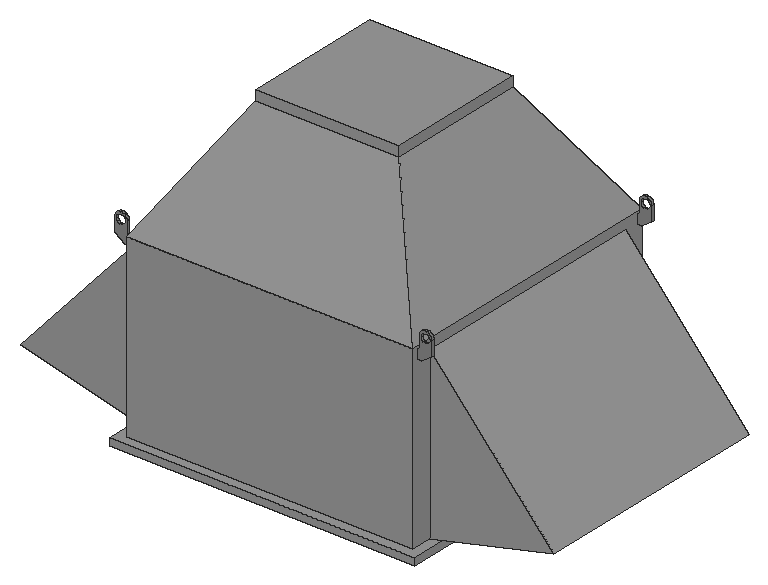
Revit family "НЕВАТОМ_Вентилятор VKRF, версия 1", category Оборудование, Revit 2017
Family settings
  Размер круглого соединителя = Использовать диаметр
  Тип детали = Нормальный
  На основе рабочей плоскости = Нет
  Всегда вертикально = Да
  При загрузке вырезать с полостями = Нет
  Общий = Нет
  Точка расчета площади = Нет
Parameters (values of type "VKRF № 12,5 АИР250М6")
  Мощность двигателя N, кВт = 55 kW
  Материал = Сталь ASTM A441
  Ключевая пометка = "Вентиляция"
  l3 = 0.85 * l  # 1317.5 mm
  l2 = l1  # 775 mm
  l1 = 0.5 * l  # 775 mm
  l = L - 100 mm  # 1550 mm
  h1 = 0.03 * H  # 50.7 mm
  h = 40 mm
  Nevatom_URL = "https://t.me/NEVATOM_Bim_bot"
  L1 = 2890 mm
  L = 1650 mm
  H3 = 0.95 * H1  # 963.3 mm
  H2 = 0.2 * H1  # 202.8 mm
  H1 = 0.6 * H  # 1014 mm
  H = 1690 mm
  D = 1250 mm
  B = 1550 mm
  ADSK_Частота вращения вентилятора = 1000
  ADSK_Ток = 102.5 A
  ADSK_Размер_Ширина = L  # 1650 mm
  ADSK_Размер_Длина = L  # 1650 mm
  ADSK_Размер_Высота = H  # 1690 mm
  ADSK_Примечание = ""
  ADSK_Позиция = ""
  ADSK_Напряжение = 380 V  # constant formula
  ADSK_Наименование = "Вентилятор крышный радиальный с выбросом вверх"  # constant formula
  ADSK_Материал наименование = "Оцинкованная сталь"  # constant formula
  ADSK_Масса = 1104
  ADSK_Марка = "VKRF-12,5-55,0/1000"
  ADSK_Количество = 1  # constant formula
  ADSK_Код изделия = ""
  ADSK_Завод-изготовитель = "НЕВАТОМ"  # constant formula
  ADSK_Единица измерения = "шт."  # constant formula
Types (42, lengths in mm): name | Мощность двигателя N, кВт | l3 | l2 | l1 | l | h1 | h | L1 | L | H3 | H2 | H1 | H | D | B | ADSK_Частота вращения вентилятора | ADSK_Ток | ADSK_Размер_Ширина | ADSK_Размер_Длина | ADSK_Размер_Высота | ADSK_Масса | ADSK_Марка
  VKRF № 3,15 АИР63A4 | 0.25 kW | 357 | 210 | 210 | 420 | 16.95 | 20 | 780 | 520 | 322.05 | 67.8 | 339 | 565 | 315 | 440 | 1500 | 0.85 A | 520 | 520 | 565 | 36.7 | "VKRF-3,15-0,25/1500"
  VKRF № 12,5 АИР225M8 | 30 kW | 1317.5 | 775 | 775 | 1550 | 50.7 | 40 | 2890 | 1650 | 963.3 | 202.8 | 1014 | 1690 | 1250 | 1550 | 750 | 63.5 A | 1650 | 1650 | 1690 | 921.3 | "VKRF-12,5-30,0/750"
  VKRF № 3,15 АИР80B2 | 2.2 kW | 357 | 210 | 210 | 420 | 16.95 | 20 | 780 | 520 | 322.05 | 67.8 | 339 | 565 | 315 | 440 | 3000 | 4.74 A | 520 | 520 | 565 | 47 | "VKRF-3,15-2,2/3000"
  VKRF № 4 АИР63B6 | 0.25 kW | 446.25 | 262.5 | 262.5 | 525 | 20.7 | 20 | 975 | 625 | 393.3 | 82.8 | 414 | 690 | 400 | 530 | 1000 | 1.07 A | 625 | 625 | 690 | 63 | "VKRF-4,0-0,25/1000"
  VKRF № 4 АИР71B4 | 0.75 kW | 446.25 | 262.5 | 262.5 | 525 | 20.7 | 20 | 975 | 625 | 393.3 | 82.8 | 414 | 690 | 400 | 530 | 1500 | 2.08 A | 625 | 625 | 690 | 62.4 | "VKRF № 4 АИР71B4"
  VKRF № 4 АИР100L2 | 5.5 kW | 446.25 | 262.5 | 262.5 | 525 | 20.7 | 20 | 975 | 625 | 393.3 | 82.8 | 414 | 690 | 400 | 530 | 3000 | 10.95 A | 625 | 625 | 690 | 84.5 | "VKRF-4,0-5,5/3000"
  VKRF № 5 АИР80A6 | 0.75 kW | 518.5 | 305 | 305 | 610 | 22.65 | 20 | 1190 | 710 | 430.35 | 90.6 | 453 | 755 | 500 | 630 | 1000 | 2.28 A | 710 | 710 | 755 | 84.6 | "VKRF-5,0-0,75/1000"
  VKRF № 5 АИР90L4 | 2.2 kW | 518.5 | 305 | 305 | 610 | 22.65 | 20 | 1190 | 710 | 430.35 | 90.6 | 453 | 755 | 500 | 630 | 1500 | 5.2 A | 710 | 710 | 755 | 92 | "VKRF-5,0-2,2/1500"
  VKRF № 6,3 АИР100L6 | 2.2 kW | 637.5 | 375 | 375 | 750 | 28.2 | 20 | 1445 | 850 | 535.8 | 112.8 | 564 | 940 | 630 | 755 | 1000 | 5.58 A | 850 | 850 | 940 | 143.1 | "VKRF-6,3-2,2/1000"
  VKRF № 6,3 АИР132S4 | 7.5 kW | 637.5 | 375 | 375 | 750 | 28.2 | 20 | 1445 | 850 | 535.8 | 112.8 | 564 | 940 | 630 | 755 | 1500 | 15.66 A | 850 | 850 | 940 | 188 | "VKRF-6,3-7,5/1500"
  VKRF № 8 АИР112MB8 | 3 kW | 833 | 490 | 490 | 980 | 37.8 | 20 | 1875 | 1080 | 718.2 | 151.2 | 756 | 1260 | 800 | 1005 | 750 | 7.98 A | 1080 | 1080 | 1260 | 258 | "VKRF-8,0-3,0/750"
  VKRF № 8 АИР132M6 | 7.5 kW | 833 | 490 | 490 | 980 | 37.8 | 20 | 1875 | 1080 | 718.2 | 151.2 | 756 | 1260 | 800 | 1005 | 1000 | 17.17 A | 1080 | 1080 | 1260 | 292 | "VKRF-8,0-7,5/1000"
  VKRF № 8 АИР180S4 | 22 kW | 833 | 490 | 490 | 980 | 37.8 | 20 | 1875 | 1080 | 718.2 | 151.2 | 756 | 1260 | 800 | 1005 | 1500 | 42.6 A | 1080 | 1080 | 1260 | 379 | "VKRF-8,0-22,0/1500"
  VKRF № 10 АИР160M8 | 11 kW | 1190 | 700 | 700 | 1400 | 44.4 | 20 | 2490 | 1500 | 843.6 | 177.6 | 888 | 1480 | 1000 | 1389 | 750 | 25.75 A | 1500 | 1500 | 1480 | 524 | "VKRF-10-11/750"
  VKRF № 10 АИР200M6 | 22 kW | 1190 | 700 | 700 | 1400 | 44.4 | 20 | 2490 | 1500 | 843.6 | 177.6 | 888 | 1480 | 1000 | 1389 | 1000 | 44.35 A | 1500 | 1500 | 1480 | 614 | "VKRF-10,0-22,0/1000"
  VKRF № 3,55 АИР63В4 | 0.37 kW | 386.75 | 227.5 | 227.5 | 455 | 18.6 | 20 | 806 | 555 | 353.4 | 74.4 | 372 | 620 | 355 | 480 | 1500 | 1.15 A | 555 | 555 | 620 | 46.9 | "VKRF-3,55-0,37/1500"
  VKRF № 4,5 АИР71А6 | 0.37 kW | 471.75 | 277.5 | 277.5 | 555 | 26.16 | 20 | 1004 | 655 | 497.04 | 104.64 | 523.2 | 872 | 450 | 580 | 1000 | 1.34 A | 655 | 655 | 872 | 70.1 | "VKRF-4,5-0,37/1000"
  VKRF № 5,6 АИР80B6 | 1.1 kW | 565.25 | 332.5 | 332.5 | 665 | 23.85 | 20 | 1242 | 765 | 453.15 | 95.4 | 477 | 795 | 560 | 690 | 1000 | 3.17 A | 765 | 765 | 795 | 103 | "VKRF-5,6-1,1/1000"
  VKRF № 7,1 АИР112MA8 | 2.2 kW | 697 | 410 | 410 | 820 | 36.81 | 20 | 1614 | 920 | 699.39 | 147.24 | 736.2 | 1227 | 710 | 840 | 750 | 6.07 A | 920 | 920 | 1227 | 269.5 | "VKRF-7,1-2,2/750"
  VKRF № 3,15 АИР56А4 | 0.12 kW | 357 | 210 | 210 | 420 | 16.95 | 20 | 780 | 520 | 322.05 | 67.8 | 339 | 565 | 315 | 440 | 1500 | 0.47 A | 520 | 520 | 565 | 35.4 | "VKRF-3,15-0,12/1500"
  VKRF № 3,15 АИР71В2 | 1.1 kW | 357 | 210 | 210 | 420 | 16.95 | 20 | 780 | 520 | 322.05 | 67.8 | 339 | 565 | 315 | 440 | 3000 | 2.62 A | 520 | 520 | 565 | 41.3 | "VKRF-3,15-1,1/3000"
  VKRF № 3,55 АИР90L2 | 3000 kW | 386.75 | 227.5 | 227.5 | 455 | 18.6 | 20 | 806 | 555 | 353.4 | 74.4 | 372 | 620 | 355 | 480 | 3000 | 6.35 A | 555 | 555 | 620 | 62.1 | "VKRF-3,55-3,0/3000"
  VKRF № 4 АИР90L2 | 3 kW | 446.25 | 262.5 | 262.5 | 525 | 20.7 | 20 | 975 | 625 | 393.3 | 82.8 | 414 | 690 | 400 | 530 | 3000 | 6.35 A | 625 | 625 | 690 | 72 | "VKRF-4,0-3,0/3000"
  VKRF № 4 АИР63В4 | 0.37 kW | 446.25 | 262.5 | 262.5 | 525 | 20.7 | 20 | 975 | 625 | 393.3 | 82.8 | 414 | 690 | 400 | 530 | 1500 | 1.15 A | 625 | 625 | 690 | 58.6 | "VKRF-4,0-0,37/1500"
  VKRF № 4,5 АИР80В4 | 1.5 kW | 471.75 | 277.5 | 277.5 | 555 | 26.16 | 20 | 1004 | 655 | 497.04 | 104.64 | 523.2 | 872 | 450 | 580 | 1500 | 3.68 A | 655 | 655 | 872 | 78.1 | "VKRF-4,5-1,5/1500"
  VKRF № 4,5 АИР132М2 | 11 kW | 471.75 | 277.5 | 277.5 | 555 | 26.16 | 20 | 1004 | 655 | 497.04 | 104.64 | 523.2 | 872 | 450 | 580 | 3000 | 21.17 A | 655 | 655 | 872 | 141.4 | "VKRF-4,5-11/3000"
  VKRF № 5 АИР71А6 | 0.37 kW | 518.5 | 305 | 305 | 610 | 22.65 | 20 | 1190 | 710 | 430.35 | 90.6 | 453 | 755 | 500 | 630 | 1000 | 1.34 A | 710 | 710 | 755 | 80.4 | "VKRF-5,0-0,37/1000"
  VKRF № 5 АИР80В4 | 1.5 kW | 518.5 | 305 | 305 | 610 | 22.65 | 20 | 1190 | 710 | 430.35 | 90.6 | 453 | 755 | 500 | 630 | 1500 | 3.68 A | 710 | 710 | 755 | 87 | "VKRF-5,0-1,5/1500"
  VKRF № 5 АИР132М2 | 11 kW | 518.5 | 305 | 305 | 610 | 22.65 | 20 | 1190 | 710 | 430.35 | 90.6 | 453 | 755 | 500 | 630 | 3000 | 21.17 A | 710 | 710 | 755 | 143 | "VKRF-5,0-11,0/3000"
  VKRF № 5,6 АИР100L4 | 4 kW | 565.25 | 332.5 | 332.5 | 665 | 23.85 | 20 | 1242 | 765 | 453.15 | 95.4 | 477 | 795 | 560 | 690 | 1500 | 8.66 A | 765 | 765 | 795 | 112 | "VKRF-5,6-4,0/1500"
  VKRF № 6,3 АИР80В6 | 1.1 kW | 637.5 | 375 | 375 | 750 | 28.2 | 20 | 1445 | 850 | 535.8 | 112.8 | 564 | 940 | 630 | 755 | 1000 | 3.17 A | 850 | 850 | 940 | 131 | "VKRF-6,3-1,1/1000"
  VKRF № 6,3 АИР100L4 | 4 kW | 637.5 | 375 | 375 | 750 | 28.2 | 20 | 1445 | 850 | 535.8 | 112.8 | 564 | 940 | 630 | 755 | 1500 | 8.66 A | 850 | 850 | 940 | 147 | "VKRF-6,3-4,0/1500"
  VKRF № 7,1 АИР112МВ6 | 4 kW | 697 | 410 | 410 | 820 | 36.81 | 20 | 1614 | 920 | 699.39 | 147.24 | 736.2 | 1227 | 710 | 840 | 1000 | 9.46 A | 920 | 920 | 1227 | 274 | "VKRF-7,1-4,0/1000"
  VKRF № 7,1 АИР160S4 | 15 kW | 697 | 410 | 410 | 820 | 36.81 | 20 | 1614 | 920 | 699.39 | 147.24 | 736.2 | 1227 | 710 | 840 | 1500 | 30 A | 920 | 920 | 1227 | 333 | "VKRF-7,1-15,0/1500"
  VKRF № 8 АИР112МВ6 | 4 kW | 833 | 490 | 490 | 980 | 37.8 | 20 | 1875 | 1080 | 718.2 | 151.2 | 756 | 1260 | 800 | 1005 | 1000 | 9.46 A | 1080 | 1080 | 1260 | 254 | "VKRF-8,0-4,0/1000"
  VKRF № 8 АИР160S4 | 15 kW | 833 | 490 | 490 | 980 | 37.8 | 20 | 1875 | 1080 | 718.2 | 151.2 | 756 | 1260 | 800 | 1005 | 1500 | 30 A | 1080 | 1080 | 1260 | 335 | "VKRF-8,0-15,0/1500"
  VKRF № 10 АИР132М8 | 5.5 kW | 1190 | 700 | 700 | 1400 | 44.4 | 20 | 2490 | 1500 | 843.6 | 177.6 | 888 | 1480 | 1000 | 1389 | 750 | 13.72 A | 1500 | 1500 | 1480 | 460 | "VKRF-10,0-5,5/750"
  VKRF № 10 АИР160S6 | 11 kW | 1190 | 700 | 700 | 1400 | 44.4 | 20 | 2490 | 1500 | 843.6 | 177.6 | 888 | 1480 | 1000 | 1389 | 1000 | 24.25 A | 1500 | 1500 | 1480 | 499 | "VKRF-10,0-11,0/1000"
  VKRF № 10 АИР200М4 | 37 kW | 1190 | 700 | 700 | 1400 | 44.4 | 20 | 2490 | 1500 | 843.6 | 177.6 | 888 | 1480 | 1000 | 1389 | 1500 | 69.29 A | 1500 | 1500 | 1480 | 640 | "VKRF-10,0-37,0/1500"
  VKRF № 12,5 АИР250М6 | 55 kW | 1317.5 | 775 | 775 | 1550 | 50.7 | 40 | 2890 | 1650 | 963.3 | 202.8 | 1014 | 1690 | 1250 | 1550 | 1000 | 102.5 A | 1650 | 1650 | 1690 | 1104 | "VKRF-12,5-55,0/1000"
  VKRF № 12,5 АИР180М8 | 15 kW | 1317.5 | 775 | 775 | 1550 | 50.7 | 40 | 2890 | 1650 | 963.3 | 202.8 | 1014 | 1690 | 1250 | 1550 | 750 | 34.55 A | 1650 | 1650 | 1690 | 788 | "VKRF-12,5-15,0/750"
  VKRF № 12,5 АИР225М6 | 37 kW | 1317.5 | 775 | 775 | 1550 | 50.7 | 40 | 2890 | 1650 | 963.3 | 202.8 | 1014 | 1690 | 1250 | 1550 | 1000 | 71 A | 1650 | 1650 | 1690 | 915.3 | "VKRF-12,5-37,0/1000"
Reference planes
  plane 1 "По центру (Вперед/Назад)": y = 0
  plane 2: z = 0
  plane 3 "По центру (Влево/Вправо)": x = 0
  plane 4: x = -825
  plane 5: x = 825
  plane 6: y = 825
  plane 7: y = -825
  plane 8: z = 40
  plane 9: z = 1690
  plane 10: z = 1014
  plane 11: x = -775
  plane 12: x = 775
  plane 13: y = 775
  plane 14: y = -775
  plane 15: x = -387.5
  plane 16: x = 387.5
  plane 17: y = 387.5
  plane 18: y = -387.5
  plane 19: x = -387.5
  plane 20: x = 387.5
  plane 21: y = 387.5
  plane 22: y = -387.5
  plane 23: z = 1639.3
  plane 24: x = -1445
  plane 25: x = 1445
  plane 26: z = 202.8
  plane 27: y = 658.75
  plane 28: y = -658.75
  plane 29: y = 1445
  plane 30: y = -1445
  plane 31: x = -658.75
  plane 32: x = 658.75
  plane 33: z = 963.3
  plane 34: y = 745
  plane 35: y = -745
  plane 36: z = 954
Forms (mm)
  Extrusion 1, void, not visible
    sketch origin (-345, -245, 50) x (0, -1, 0) y (0, 0, -1)
      loop
        line (-477.965, -475) -> (-477.965, -450) -> (-528.913, -450) -> (-528.913, -475) -> (-477.965, -475)
    from -47.452 to 12
  Extrusion 2, solid, material "Сталь ASTM A441" <- "Материал"
    sketch origin (0, 0, 0) x (1, 0, 0) y (0, 1, 0)
      loop
        line (-825, 825) -> (-825, -825) -> (825, -825) -> (825, 825) -> (-825, 825)
    from 0 to 40
  Extrusion 3, solid, material "Сталь ASTM A441" <- "Материал"
    sketch origin (0, 0, 0) x (1, 0, 0) y (0, 1, 0)
      loop
        line (-775, 775) -> (-775, -775) -> (775, -775) -> (775, 775) -> (-775, 775)
    from 40 to 1014
  Blend 4, solid, material "Сталь ASTM A441" <- "Материал"
    base sketch origin (0, 0, 0) x (1, 0, 0) y (0, 1, 0)
      loop
        line (-775, 775) -> (-775, -775) -> (775, -775) -> (775, 775) -> (-775, 775)
    top sketch origin (0, 0, 0) x (1, 0, 0) y (0, 1, 0)
      loop
        line (-387.5, 387.5) -> (-387.5, -387.5) -> (387.5, -387.5) -> (387.5, 387.5) -> (-387.5, 387.5)
    from 1014 to 1639.3
  Blend 5, solid, material "Сталь ASTM A441" <- "Материал"
    base sketch origin (0, 0, 0) x (1, 0, 0) y (0, 1, 0)
      loop
        line (-387.5, 387.5) -> (-387.5, -387.5) -> (387.5, -387.5) -> (387.5, 387.5) -> (-387.5, 387.5)
    top sketch origin (0, 0, 0) x (1, 0, 0) y (0, 1, 0)
      loop
        line (-387.5, 387.5) -> (-387.5, -387.5) -> (387.5, -387.5) -> (387.5, 387.5) -> (-387.5, 387.5)
    from 1639.3 to 1690
  Extrusion 6, solid, material "Сталь ASTM A441" <- "Материал"
    sketch origin (0, 0, 0) x (1, 0, 0) y (0, 0, 1)
      loop
        line (-775, 40) -> (-775, 963.3) -> (-1445, 202.8) -> (-775, 40)
      loop
        line (775, 40) -> (1445, 202.8) -> (775, 963.3) -> (775, 40)
    from -658.75 to 658.75
Lines and regions (mm)
  model lines, not visible, detail levels coarse
    curve 1: circle (0, 0, 0) r 135 normal (0, 0, 1)
    curve 2: line (-135, 0, 0) -> (43.681, 127.738, 0)
    curve 3: line (-135, 0, 0) -> (43.681, -127.738, 0)
    curve 4: line (43.681, 127.738, 0) -> (43.681, -127.738, 0)
  model lines, not visible, detail levels medium
    curve 5: circle (0, 0, 0) r 90 normal (0, -1, 0)
    curve 6: line (-90, 0, 0) -> (39.046, 0, 81.089)
    curve 7: line (-90, 0, 0) -> (39.046, 0, -81.089)
    curve 8: line (39.046, 0, 81.089) -> (39.046, 0, -81.089)
Dimensions and locks
  equal spacing: plane 6, plane 1 "По центру (Вперед/Назад)", plane 7
  "L": plane 6 to plane 7
  equal spacing: plane 4, plane 3 "По центру (Влево/Вправо)", plane 5
  "L": plane 4 to plane 5
  "h": plane 8 to level
  "H": plane 9 to level
  "H1": plane 10 to level
  equal spacing: plane 13, plane 1 "По центру (Вперед/Назад)", plane 14
  "l": plane 13 to plane 14
  equal spacing: plane 11, plane 3 "По центру (Влево/Вправо)", plane 12
  "l": plane 11 to plane 12
  "l1": plane 18 to plane 17
  equal spacing: plane 18, plane 1 "По центру (Вперед/Назад)", plane 17
  equal spacing: plane 15, plane 3 "По центру (Влево/Вправо)", plane 16
  "l1": plane 15 to plane 16
  equal spacing: plane 19, plane 3 "По центру (Влево/Вправо)", plane 20
  "l2": plane 19 to plane 20
  equal spacing: plane 21, plane 1 "По центру (Вперед/Назад)", plane 22
  "l2": plane 21 to plane 22
  "h1": plane 9 to plane 23
  equal spacing: plane 25, plane 3 "По центру (Влево/Вправо)", plane 24
  "L1": plane 25 to plane 24
  "H2": plane 26 to level
  equal spacing: plane 27, plane 1 "По центру (Вперед/Назад)", plane 28
  "l3": plane 27 to plane 28
  equal spacing: plane 29, plane 1 "По центру (Вперед/Назад)", plane 30
  "L1": plane 29 to plane 30
  equal spacing: plane 32, plane 3 "По центру (Влево/Вправо)", plane 31
  "l3": plane 32 to plane 31
  "H3": plane 33 to level
  locked: plane 13 to plane 34 at 30
  locked: plane 35 to plane 14 at 30
  locked: plane 10 to plane 36 at 60
  aligned and locked: level to plane 2
  aligned and locked: Extrusion 2 sketch curve to plane 6
  aligned and locked: Extrusion 2 sketch curve to plane 4
  aligned and locked: plane 7 to Extrusion 2 sketch curve
  aligned and locked: plane 5 to Extrusion 2 sketch curve
  aligned and locked: Extrusion 2 to level
  aligned and locked: plane 8 to Extrusion 2
  aligned and locked: plane 13 to Extrusion 3 sketch curve
  aligned and locked: plane 11 to Extrusion 3 sketch curve
  aligned and locked: plane 14 to Extrusion 3 sketch curve
  aligned and locked: Extrusion 3 sketch curve to plane 12
  aligned and locked: plane 10 to Extrusion 3
  aligned and locked: Extrusion 3 to plane 8
  aligned and locked: plane 13 to Blend 4 sketch curve
  aligned and locked: Blend 4 sketch curve to plane 12
  aligned and locked: plane 14 to Blend 4 sketch curve
  aligned and locked: plane 11 to Blend 4 sketch curve
  aligned and locked: Blend 4 sketch curve to plane 17
  aligned and locked: plane 15 to Blend 4 sketch curve
  aligned and locked: Blend 4 sketch curve to plane 18
  aligned and locked: plane 16 to Blend 4 sketch curve
  aligned and locked: Blend 4 to plane 10
  aligned and locked: plane 23 to Blend 4
  aligned and locked: plane 16 to Blend 5 sketch curve
  aligned and locked: Blend 5 sketch curve to plane 17
  aligned and locked: plane 15 to Blend 5 sketch curve
  aligned and locked: Blend 5 sketch curve to plane 18
  aligned and locked: Blend 5 sketch curve to plane 21
  aligned and locked: Blend 5 sketch curve to plane 19
  aligned and locked: plane 22 to Blend 5 sketch curve
  aligned and locked: plane 20 to Blend 5 sketch curve
  aligned and locked: plane 9 to Blend 5
  aligned and locked: Blend 5 to Blend 4
  aligned and locked: plane 11 to Extrusion 6 sketch curve
  aligned and locked: plane 12 to Extrusion 6 sketch curve
  aligned and locked: plane 25 to Extrusion 6 sketch curve
  aligned and locked: Extrusion 6 sketch curve to plane 26
  aligned and locked: plane 26 to Extrusion 6 sketch curve
  aligned and locked: plane 24 to Extrusion 6 sketch curve
  aligned and locked: Extrusion 6 to plane 28
  aligned and locked: Extrusion 6 to plane 27
  aligned and locked: nested 2 to plane 34
  aligned and locked: nested 2 to plane 11
  aligned and locked: plane 35 to nested 3
  aligned and locked: nested 3 to plane 11
  aligned and locked: plane 34 to nested 4
  aligned and locked: nested 4 to plane 12
  aligned and locked: nested 5 to plane 12
  aligned and locked: nested 5 to plane 35
  aligned and locked: nested 5 to plane 36
  aligned and locked: nested 3 to plane 36
  aligned and locked: nested 4 to plane 36
  aligned and locked: nested 2 to plane 36
  aligned and locked: nested 6 to Extrusion 2  (x3)
Automatic sketch dimensions
  Extrusion 6 sketch curve to plane 8 = 0 mm  (x2)
  Extrusion 6 sketch curve to plane 33 = 0 mm  (x2)
Nested families
  nested 1: "крепление 15мм" at (-330, 229.965, 495), type "крепление 15мм", not visible
  nested 2: "Монтажное ухо" at (-775, 745, 976.5) x (0, -1, 0) z (0, 0, 1), type "1"
  nested 3: "Монтажное ухо" at (-775, -745, 976.5) x (0, -1, 0) z (0, 0, 1), type "1"
  nested 4: "Монтажное ухо" at (775, 745, 976.5) x (0, -1, 0) z (0, 0, 1), type "1"
  nested 5: "Монтажное ухо" at (775, -745, 976.5) x (0, -1, 0) z (0, 0, 1), type "1"
  nested 6: "НЕВАТОМ_QR-AxB" at (800, -800, 40), type "Nevatom_Logo_50x50", not visible
Connectors
  hvac at (0, 0, 0), driven by "D"
    settings: on Extrusion 2, index 1, duct flow 0 m³/h, flow factor 0, pres drop 0.0 Pa, loss coef 0, conn angle 0.00°, conn width 304.8 mm, conn height 304.8 mm, conn diameter 1250 mm, duct sys type 29, conn prof type 0, flow config 0, flow direction 0, loss method 0, conn ref index -1, conn util no, is conn primary yes, conn desc ""
Definition of nested family "крепление 15мм"
  Parameters (values of type "крепление 15мм")
    Материал крепления = none
  Reference planes
    plane 1 "По центру (Вперед/Назад)": y = 0
    plane 2: z = 0
    plane 3 "По центру (Влево/Вправо)": x = 0
  Forms (mm)
    Extrusion 1, solid, material <- "Материал крепления"
      sketch origin (0, 0, 0) x (1, 0, 0) y (0, 1, 0)
        loop
          line (-25, 0) -> (0, 0) -> (0, 18.31) -> (0, 25) -> (-3, 25) -> (-3, 3) -> (-25, 3) -> (-25, 0)
      from 0 to 30
    Extrusion 2, void
      sketch origin (0, 0, 0) x (1, 0, 0) y (0, 1, 0)
        loop
          line (-3, 3) -> (-3, 54.96) -> (-58, 54.96) -> (-58, 3) -> (-3, 3)
      from 0 to 15
  Cuts and joins
    Extrusion 2 cuts Extrusion 1
  Dimensions and locks
    Extrusion 1 sketch curve to Extrusion 1 sketch curve = 3 mm  (x2)
    Extrusion 1 sketch curve to Extrusion 1 sketch curve to plane 3 "По центру (Влево/Вправо)" = 25 mm, 0 mm
    Extrusion 1 sketch curve to Extrusion 1 sketch curve = 25 mm
    aligned and locked: level to plane 2
Definition of nested family "Монтажное ухо"
  Parameters (values of type "1")
    Тип, марка, обозначение = ""
    Примечание = ""
    Позиция = ""
    Наименование и тех.хар-ка = "Адаптер для гибкой вставки"  # constant formula
    Материал = none
    Масса единицы = ""
    Код, оборудования = ""
    Keynote = "Вентиляция"
    Завод изготовитель = "NED"
    Единица измерения = "шт."
    3 = 44.152 mm
    2 = 51.015 mm
    1 = 172.5 mm
  Reference planes
    plane 1 "По центру (Вперед/Назад)": y = 0
    plane 2: z = 0
    plane 3 "По центру (Влево/Вправо)": x = 0
  Forms (mm)
    Extrusion 1, void, not visible
      sketch origin (-345, -245, 50) x (0, -1, 0) y (0, 0, -1)
        loop
          line (-477.965, -475) -> (-477.965, -450) -> (-528.913, -450) -> (-528.913, -475) -> (-477.965, -475)
      from -47.452 to 12
    Extrusion 2, solid, material <- "Материал"
      sketch origin (0, 0, 0) x (0, 1, 0) y (0, 0, 1)
        loop
          line (-30.243, -22.5) -> (0, -22.5) -> (0, 25) -> (-16.25, 35.415) -> (-16.25, 95)
          arc (-16.25, 95) -> (-50.451, 129.201) -> (-84.652, 95) r 34.201
          line (-84.652, 95) -> (-84.652, 17.304) -> (-30.243, -22.5)
        loop
          circle (-50.764, 92.098) r 25
      from -5 to 5
  Lines and regions (mm)
    model lines, not visible, detail levels coarse
      curve 1: circle (0, 0, 0) r 135 normal (0, 0, 1)
      curve 2: line (-135, 0, 0) -> (43.681, 127.738, 0)
      curve 3: line (-135, 0, 0) -> (43.681, -127.738, 0)
      curve 4: line (43.681, 127.738, 0) -> (43.681, -127.738, 0)
    model lines, not visible, detail levels medium
      curve 5: circle (0, 0, 0) r 90 normal (0, -1, 0)
      curve 6: line (-90, 0, 0) -> (39.046, 0, 81.089)
      curve 7: line (-90, 0, 0) -> (39.046, 0, -81.089)
      curve 8: line (39.046, 0, 81.089) -> (39.046, 0, -81.089)
  Dimensions and locks
    aligned and locked: level to plane 2
  Nested families
    nested 1: "крепление 15мм" at (-330, 229.965, 495), type "крепление 15мм", not visible
  Definition of nested family "крепление 15мм"
    Parameters (values of type "крепление 15мм")
      Материал крепления = none
    Reference planes
      plane 1 "По центру (Вперед/Назад)": y = 0
      plane 2: z = 0
      plane 3 "По центру (Влево/Вправо)": x = 0
    Forms (mm)
      Extrusion 1, solid, material <- "Материал крепления"
        sketch origin (0, 0, 0) x (1, 0, 0) y (0, 1, 0)
          loop
            line (-25, 0) -> (0, 0) -> (0, 18.31) -> (0, 25) -> (-3, 25) -> (-3, 3) -> (-25, 3) -> (-25, 0)
        from 0 to 30
      Extrusion 2, void
        sketch origin (0, 0, 0) x (1, 0, 0) y (0, 1, 0)
          loop
            line (-3, 3) -> (-3, 54.96) -> (-58, 54.96) -> (-58, 3) -> (-3, 3)
        from 0 to 15
    Cuts and joins
      Extrusion 2 cuts Extrusion 1
    Dimensions and locks
      Extrusion 1 sketch curve to Extrusion 1 sketch curve = 3 mm  (x2)
      Extrusion 1 sketch curve to Extrusion 1 sketch curve to plane 3 "По центру (Влево/Вправо)" = 25 mm, 0 mm
      Extrusion 1 sketch curve to Extrusion 1 sketch curve = 25 mm
      aligned and locked: level to plane 2
Definition of nested family "НЕВАТОМ_QR-AxB"
  Parameters (values of type "Nevatom_Logo_50x50")
    Logo_Image = none
    L = 2 mm
    B = A  # 50 mm
    A = 50 mm
  Types (5, lengths in mm): name | B | A
    (no name) | 50 | 50
    Nevatom_Logo_200x200 | 200 | 200
    Nevatom_Logo_100x100 | 100 | 100
    Nevatom_Logo_50x50 | 50 | 50
    Nevatom_Logo_25x25 | 25 | 25
  Reference planes
    plane 1 "По центру (Вперед/Назад)": y = 0
    plane 2: z = 0
    plane 3 "По центру (Влево/Вправо)": x = 0
    plane 4: x = -25
    plane 5: x = 25
    plane 6: y = 25
    plane 7: y = -25
  Forms (mm)
    Extrusion 1, solid, material <- "Logo_Image"
      sketch origin (0, 0, 0) x (1, 0, 0) y (0, 1, 0)
        loop
          line (-25, 25) -> (-25, -25) -> (25, -25) -> (25, 25) -> (-25, 25)
      from 0 to 2 <- "L"
  Lines and regions (mm)
    reference lines
      curve 1: line (-25, 25, 0) -> (25, 25, 0)
      curve 2: line (25, 25, 0) -> (25, -25, 0)
      curve 3: line (25, -25, 0) -> (-25, -25, 0)
      curve 4: line (-25, -25, 0) -> (-25, 25, 0)
  Dimensions and locks
    equal spacing: plane 4, plane 3 "По центру (Влево/Вправо)", plane 5
    "A": plane 4 to plane 5
    equal spacing: plane 6, plane 1 "По центру (Вперед/Назад)", plane 7
    "B": plane 6 to plane 7
    aligned and locked: level to plane 2
    aligned and locked: plane 6 to curve 1
    aligned and locked: plane 4 to curve 4
    aligned and locked: plane 5 to curve 2
    aligned and locked: plane 7 to curve 3
    aligned and locked: Extrusion 1 sketch curve to curve 1
    aligned and locked: Extrusion 1 sketch curve to curve 4
    aligned and locked: Extrusion 1 sketch curve to curve 3
    aligned and locked: Extrusion 1 sketch curve to curve 2
